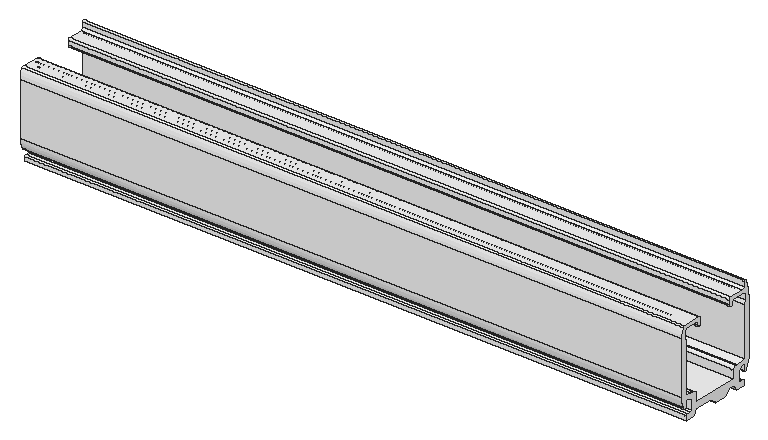
Revit family "ARKOSLIGHT_Track 3L", category Lighting Fixtures, host Face, Revit 2019
Family settings
  Host = Face
  Round Connector Dimension = Use Diameter
  Part Type = Normal
  Cut with Voids When Loaded = No
  Light Source = No
  Shared = No
  Room Calculation Point = No
Parameters (values of type "A219210XB - TRACK 3L DIM DALI XM B")
  URL = "https://www.arkoslight.com/en/product/atrack3ld-es/"
  Model = ARKOSLIGHT_Model  # "ACCESSORIES"
  Manufacturer = "ARKOSLIGHT"  # constant formula
  Length [instance] = 250 mm
  Description = "Select the number and length of profiles suitable for the defined length"
  ARKOSLIGHT_Series = "ACCESORIOS TRACK 3L DIM"
  ARKOSLIGHT_Reference = "A219210XB"
  ARKOSLIGHT_Model = "ACCESSORIES"  # constant formula
  ARKOSLIGHT_Dimming = "Yes"
  ARKOSLIGHT_Color = "White"
  ARKOSLIGHT_Fixture Type = "ACCESSORIES"  # constant formula
  Default Elevation = 0 mm
  Apparent Load = 0 VA  # constant formula
  ARKOSLIGHT_Body Color = ARKOSLIGHT_White
Types (4, lengths in mm): name | URL | ARKOSLIGHT_Series | ARKOSLIGHT_Reference | ARKOSLIGHT_Dimming | ARKOSLIGHT_Color | ARKOSLIGHT_Body Color
  A2820X00B - TRACK 3L XM B | "https://www.arkoslight.com/en/product/acctrack3l-es/" | "ACCESORIOS TRACK 3L" | "A2820X00B" | "No" | "White" | ARKOSLIGHT_White
  A2820X00N - TRACK 3L XM N | "https://www.arkoslight.com/en/product/acctrack3l-es/" | "ACCESORIOS TRACK 3L" | "A2820X00N" | "No" | "Black" | ARKOSLIGHT_Black
  A219210XB - TRACK 3L DIM DALI XM B | "https://www.arkoslight.com/en/product/atrack3ld-es/" | "ACCESORIOS TRACK 3L DIM" | "A219210XB" | "Yes" | "White" | ARKOSLIGHT_White
  A219210XN - TRACK 3L DIM DALI XM N | "https://www.arkoslight.com/en/product/atrack3ld-es/" | "ACCESORIOS TRACK 3L DIM" | "A219210XN" | "Yes" | "Black" | ARKOSLIGHT_Black
Reference planes
  plane 1 "Center (Front/Back)": y = 0
  plane 2: z = 0
  plane 3 "Center (Left/Right)": x = 0
  plane 4: x = 125
  plane 5: x = -125
  plane 6: z = 32.5
  plane 7: y = 15.7
  plane 8: y = -15.7
Forms (mm)
  Extrusion 1, solid, material "ARKOSLIGHT_White" <- "ARKOSLIGHT_Body Color"
    sketch origin (-125, -221.408, 1219.2) x (0, -1, 0) y (0, 0, -1)
      loop
        arc (-237.108, 1190.7) -> (-236.835, 1187.262) -> (-236.023, 1183.91) r 21.797
        arc (-236.023, 1183.91) -> (-235.673, 1183.696) -> (-235.408, 1184.008) r 0.316
        line (-235.408, 1184.008) -> (-235.408, 1185.9)
        arc (-235.408, 1185.9) -> (-235.173, 1186.466) -> (-234.608, 1186.7) r 0.8
        line (-234.608, 1186.7) -> (-229.057, 1186.7)
        arc (-229.057, 1186.7) -> (-228.601, 1186.889) -> (-228.413, 1187.345) r 0.645
        line (-228.413, 1187.345) -> (-228.413, 1189.183)
        arc (-228.413, 1189.183) -> (-228.954, 1189.724) -> (-229.495, 1189.183) r 0.541
        line (-229.495, 1189.183) -> (-229.495, 1188.4)
        arc (-229.495, 1188.4) -> (-229.671, 1187.976) -> (-230.095, 1187.8) r 0.6
        line (-230.095, 1187.8) -> (-235.108, 1187.8)
        arc (-235.108, 1187.8) -> (-235.673, 1188.034) -> (-235.908, 1188.6) r 0.8
        line (-235.908, 1188.6) -> (-235.908, 1190.575) -> (-235.408, 1192.2) -> (-235.408, 1210.297) -> (-232.285, 1211) -> (-231.455, 1211)
        arc (-231.455, 1211) -> (-230.714, 1211.307) -> (-230.408, 1212.048) r 1.048
        line (-230.408, 1212.048) -> (-230.408, 1215) -> (-212.408, 1215) -> (-212.408, 1212.048)
        arc (-212.408, 1212.048) -> (-212.101, 1211.307) -> (-211.36, 1211) r 1.048
        line (-211.36, 1211) -> (-210.53, 1211) -> (-207.408, 1210.297) -> (-207.408, 1192.137) -> (-206.908, 1190.512)
        arc (-206.908, 1190.512) -> (-207.036, 1189.389) -> (-207.345, 1188.303) r 6.933
        arc (-207.345, 1188.303) -> (-207.628, 1187.938) -> (-208.07, 1187.8) r 0.774
        line (-208.07, 1187.8) -> (-212.72, 1187.8)
        arc (-212.72, 1187.8) -> (-213.144, 1187.976) -> (-213.32, 1188.4) r 0.6
        line (-213.32, 1188.4) -> (-213.32, 1189.183)
        arc (-213.32, 1189.183) -> (-213.861, 1189.724) -> (-214.402, 1189.183) r 0.541
        line (-214.402, 1189.183) -> (-214.402, 1187.345)
        arc (-214.402, 1187.345) -> (-214.214, 1186.889) -> (-213.758, 1186.7) r 0.645
        line (-213.758, 1186.7) -> (-207.273, 1186.7)
        arc (-207.273, 1186.7) -> (-206.855, 1186.818) -> (-206.56, 1187.138) r 0.8
        arc (-206.56, 1187.138) -> (-205.924, 1188.869) -> (-205.708, 1190.7) r 7.869
        line (-205.708, 1190.7) -> (-205.708, 1210.62)
        arc (-205.708, 1210.62) -> (-205.986, 1212.654) -> (-206.773, 1214.551) r 8.003
        arc (-206.773, 1214.551) -> (-207.156, 1214.71) -> (-207.408, 1214.381) r 0.34
        line (-207.408, 1214.381) -> (-207.408, 1212.2) -> (-208.675, 1212.2) -> (-210.408, 1213.2) -> (-210.408, 1216.7)
        arc (-210.408, 1216.7) -> (-210.261, 1217.054) -> (-209.908, 1217.2) r 0.5
        line (-209.908, 1217.2) -> (-208.455, 1217.2)
        arc (-208.455, 1217.2) -> (-208.068, 1217.36) -> (-207.908, 1217.748) r 0.548
        line (-207.908, 1217.748) -> (-207.908, 1219.2) -> (-211.342, 1219.2) -> (-212.496, 1217.2) -> (-219.496, 1217.2) -> (-220.908, 1218.612)
        arc (-220.908, 1218.612) -> (-221.56, 1219.047) -> (-222.328, 1219.2) r 2.007
        line (-222.328, 1219.2) -> (-225.397, 1219.2)
        arc (-225.397, 1219.2) -> (-226.249, 1219.031) -> (-226.971, 1218.548) r 2.226
        line (-226.971, 1218.548) -> (-228.319, 1217.2) -> (-230.319, 1217.2) -> (-231.473, 1219.2) -> (-234.908, 1219.2) -> (-234.908, 1217.748)
        arc (-234.908, 1217.748) -> (-234.747, 1217.36) -> (-234.36, 1217.2) r 0.548
        line (-234.36, 1217.2) -> (-232.908, 1217.2)
        arc (-232.908, 1217.2) -> (-232.554, 1217.054) -> (-232.408, 1216.7) r 0.5
        line (-232.408, 1216.7) -> (-232.408, 1213.2) -> (-234.14, 1212.2) -> (-235.408, 1212.2) -> (-235.408, 1214.381)
        arc (-235.408, 1214.381) -> (-235.66, 1214.71) -> (-236.042, 1214.551) r 0.34
        arc (-236.042, 1214.551) -> (-236.829, 1212.654) -> (-237.108, 1210.62) r 8.003
        line (-237.108, 1210.62) -> (-237.108, 1190.7)
    from 0 to 250
Dimensions and locks
  "Length": plane 5 to plane 4
  equal spacing: plane 5, plane 3 "Center (Left/Right)", plane 4
  plane 7 to plane 1 "Center (Front/Back)" to plane 8 = 15.7 mm, 15.7 mm
  locked: plane 7 to plane 8 at 31.4
  locked: plane 6 to plane 2 at 32.5
  aligned and locked: plane 2 to host face
  aligned and locked: level to host face
  aligned and locked: Extrusion 1 to plane 5
  aligned and locked: Extrusion 1 to plane 4
Automatic sketch dimensions
  host sketch curve to host sketch curve = 486.772 mm
  host sketch curve to host sketch curve = 1105.173 mm
  Extrusion 1 sketch curve to plane 7 = 0 mm
  Extrusion 1 sketch curve to level = 0 mm  (x3)
  Extrusion 1 sketch curve to plane 6 = 0 mm  (x2)
  Extrusion 1 sketch curve to plane 8 = 0 mm
  plane 7 to Extrusion 1 sketch curve = 1.2 mm
  plane 7 to Extrusion 1 sketch curve = 1.36 mm
  plane 7 to Extrusion 1 sketch curve = 1.384 mm
  plane 7 to Extrusion 1 sketch curve = 1.7 mm  (x3)
  Extrusion 1 sketch curve to plane 6 = 0.8 mm
  Extrusion 1 sketch curve to Extrusion 1 sketch curve = 0.8 mm
  plane 7 to Extrusion 1 sketch curve = 2.2 mm
  Extrusion 1 sketch curve to Extrusion 1 sketch curve = 0.548 mm  (x2)
  Extrusion 1 sketch curve to Extrusion 1 sketch curve = 1.268 mm  (x2)
  Extrusion 1 sketch curve to Extrusion 1 sketch curve = 1.452 mm  (x3)
  Extrusion 1 sketch curve to Extrusion 1 sketch curve = 1.732 mm  (x2)
  Extrusion 1 sketch curve to Extrusion 1 sketch curve = 0.122 mm
  Extrusion 1 sketch curve to Extrusion 1 sketch curve = 1.434 mm
  Extrusion 1 sketch curve to Extrusion 1 sketch curve = 0.83 mm  (x2)
  Extrusion 1 sketch curve to Extrusion 1 sketch curve = 1.048 mm  (x2)
  Extrusion 1 sketch curve to level = 2 mm  (x2)
  Extrusion 1 sketch curve to Extrusion 1 sketch curve = 2.089 mm  (x2)
  plane 6 to Extrusion 1 sketch curve = 1.7 mm
  Extrusion 1 sketch curve to Extrusion 1 sketch curve = 4.512 mm
  Extrusion 1 sketch curve to Extrusion 1 sketch curve = 0.6 mm  (x2)
  Extrusion 1 sketch curve to Extrusion 1 sketch curve = 1.303 mm
  Extrusion 1 sketch curve to Extrusion 1 sketch curve = 1.038 mm
  Extrusion 1 sketch curve to Extrusion 1 sketch curve = 0.541 mm  (x2)
  Extrusion 1 sketch curve to Extrusion 1 sketch curve = 2 mm
  Extrusion 1 sketch curve to level = 0.652 mm
  Extrusion 1 sketch curve to Extrusion 1 sketch curve = 1.348 mm
  Extrusion 1 sketch curve to Extrusion 1 sketch curve = 1.574 mm
  plane 1 "Center (Front/Back)" to Extrusion 1 sketch curve = 0.92 mm
  Extrusion 1 sketch curve to plane 1 "Center (Front/Back)" = 0.499 mm
  Extrusion 1 sketch curve to plane 1 "Center (Front/Back)" = 1.911 mm
  Extrusion 1 sketch curve to plane 1 "Center (Front/Back)" = 6.097 mm
  Extrusion 1 sketch curve to Extrusion 1 sketch curve = 0.908 mm
  Extrusion 1 sketch curve to Extrusion 1 sketch curve = 1.474 mm
  plane 6 to Extrusion 1 sketch curve = 0.645 mm
  Extrusion 1 sketch curve to Extrusion 1 sketch curve = 0.26 mm
  Extrusion 1 sketch curve to Extrusion 1 sketch curve = 1.214 mm
  Extrusion 1 sketch curve to Extrusion 1 sketch curve = 0.089 mm
  Extrusion 1 sketch curve to Extrusion 1 sketch curve = 1.155 mm
  Extrusion 1 sketch curve to Extrusion 1 sketch curve = 0.5 mm
  plane 6 to Extrusion 1 sketch curve = 1.1 mm
  plane 8 to Extrusion 1 sketch curve = 2.362 mm
  plane 8 to Extrusion 1 sketch curve = 1.7 mm
  Extrusion 1 sketch curve to Extrusion 1 sketch curve = 0.796 mm
  Extrusion 1 sketch curve to Extrusion 1 sketch curve = 0.34 mm
  plane 8 to Extrusion 1 sketch curve = 1.2 mm
  Extrusion 1 sketch curve to level = 0.588 mm
  Extrusion 1 sketch curve to level = 1.452 mm
  Extrusion 1 sketch curve to Extrusion 1 sketch curve = 2.2 mm
  Extrusion 1 sketch curve to Extrusion 1 sketch curve = 2.819 mm  (x2)
  Extrusion 1 sketch curve to Extrusion 1 sketch curve = 1.8 mm  (x2)
  Extrusion 1 sketch curve to Extrusion 1 sketch curve = 1 mm
  Extrusion 1 sketch curve to Extrusion 1 sketch curve = 2.181 mm
  Extrusion 1 sketch curve to Extrusion 1 sketch curve = 1.152 mm  (x2)
  Extrusion 1 sketch curve to Extrusion 1 sketch curve = 1.488 mm  (x2)
  Extrusion 1 sketch curve to Extrusion 1 sketch curve = 1.903 mm  (x2)
  Extrusion 1 sketch curve to Extrusion 1 sketch curve = 3.6 mm
  Extrusion 1 sketch curve to Extrusion 1 sketch curve = 4.337 mm
  Extrusion 1 sketch curve to Extrusion 1 sketch curve = 2.335 mm
  Extrusion 1 sketch curve to Extrusion 1 sketch curve = 1.437 mm
  Extrusion 1 sketch curve to Extrusion 1 sketch curve = 1.5 mm
  Extrusion 1 sketch curve to Extrusion 1 sketch curve = 0.125 mm
  Extrusion 1 sketch curve to Extrusion 1 sketch curve = 0.188 mm
  Extrusion 1 sketch curve to Extrusion 1 sketch curve = 0.783 mm  (x2)
  Extrusion 1 sketch curve to Extrusion 1 sketch curve = 0.774 mm
  plane 6 to Extrusion 1 sketch curve = 0.8 mm
  Extrusion 1 sketch curve to Extrusion 1 sketch curve = 1.892 mm
  Extrusion 1 sketch curve to Extrusion 1 sketch curve = 0 mm  (x2)
  Extrusion 1 sketch curve to Extrusion 1 sketch curve = 3.931 mm
